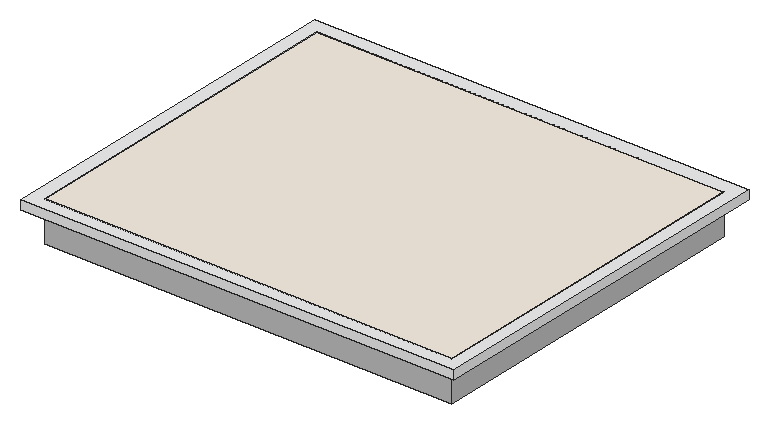
Revit family "Lighting-Industriale-GEWISS-ELIA-HL-LED_RIFLETTORE", category Apparecchi per illuminazione, host Superficie, Revit 2019 (continued)
Types (12, lengths in mm): name | Tensione | Scheda Tecnica | Potenza di sistema | Peso (kg): | Peso (kg) | Ottica | built-in parameter 1150142 | Lumen output (lm) | Modello | IDT | File diagramma fotometrico | Description
     4562.15 4416.81 4273.16 4132.89 3996.85 \r\n3863.34 3734.90 3611.53 3489.85 3367.32 3246.49 3129.03 \r\n3017.49 2910.18 2806.24 2703.15 2602.60 2502.89 2407.40 \r\n2317.84 2231.64 2147.99 2068.56 1990.82 1914.77 1842.10 \r\n1772.81 1704.36 1639.72 1576.35 1515.17 1456.61 1400.42 \r\n1346.85 1295.13 1244.52 1195.84 1149.96 1106.11 1063.26 \r\n1021.86 981.64 943.19 906.94 872.38 838.49 806.13 775.63 \r\n746.73 719.26 692.73 666.62 641.19 616.60 593.36 571.73 \r\n551.45 531.93 513.08 494.92 476.92 458.92 440.84 422.58 \r\n405.09 389.63 375.18 361.49 348.22 335.04 321.78 308.00 \r\n294.40 281.30 269.13 259.08 250.54 244.46 238.71 231.19 \r\n222.74 213.36 203.39 193.00 182.18 171.37 159.84 146.68 \r\n133.15 120.63 107.86 93.63 79.18 65.32 52.15 39.83 28.98 \r\n20.42 13.73 8.89 5.62 3.58 2.89 \r\n12448.54 12447.69 12442.62 12435.86 12424.88 12410.51 \r\n12393.61 12375.87 12354.74 12331.08 12304.04 12273.62 \r\n12241.51 12206.87 12172.22 12135.04 12096.17 12055.61 \r\n12011.67 11966.04 11918.72 11867.18 11814.79 11758.17 \r\n11699.87 11639.87 11576.50 11512.28 11444.68 11374.54 \r\n11304.41 11230.89 11154.84 11076.26 10996.83 10914.86 \r\n10832.06 10747.56 10660.52 10573.48 10483.07 10391.81 \r\n10295.48 10193.23 10085.92 9974.38 9858.61 9737.78 \r\n9611.03 9481.74 9349.08 9212.19 9071.92 8926.58 8774.48 \r\n8611.39 8439.01 8256.49 8068.90 7881.31 7688.65 7492.61 \r\n7293.19 7092.08 6894.35 6706.76 6523.40 6346.80 6173.57 \r\n6003.72 5836.41 5668.26 5501.80 5339.55 5180.69 5020.14 \r\n4863.82 4709.18 4558.77 4413.43 4269.78 4129.51 3991.78 \r\n3859.11 3729.83 3606.46 3484.78 3362.25 3242.26 3126.50 \r\n3015.80 2908.49 2804.55 2702.31 2601.75 2502.89 2407.40 \r\n2318.68 2232.49 2149.68 2070.25 1992.51 1917.30 1845.48 \r\n1774.50 1707.74 1642.76 1579.73 1518.97 1460.50 1404.39 \r\n1350.23 1297.92 1246.80 1197.70 1151.65 1107.54 1064.62 \r\n1022.96 982.65 944.03 907.78 873.14 839.51 807.31 776.72 \r\n747.57 720.11 693.41 667.38 642.03 617.36 593.87 572.06 \r\n551.53 531.59 512.75 494.92 477.51 459.51 441.34 422.92 \r\n405.18 389.63 375.26 361.58 348.31 335.04 321.78 308.09 \r\n294.65 281.47 269.39 258.99 250.29 243.87 237.87 230.52 \r\n222.15 212.86 202.80 192.15 181.08 170.15 158.63 145.50 \r\n132.00 119.42 106.62 92.45 78.12 64.41 51.44 39.39 28.78 \r\n20.33 13.70 8.88 5.60 3.56 2.87 \r\n12448.54 12447.69 12442.62 12435.86 12424.88 12410.51 \r\n12394.46 12375.87 12355.59 12331.93 12305.73 12274.47 \r\n12242.36 12208.56 12173.91 12136.73 12097.02 12056.46 \r\n12013.36 11968.58 11920.41 11868.87 11815.63 11760.71 \r\n11702.41 11642.41 11579.03 11514.81 11447.22 11378.77 \r\n11307.79 11234.27 11159.07 11081.33 11001.06 10919.93 \r\n10837.12 10751.78 10664.74 10576.86 10488.14 10395.19 \r\n10299.70 10198.31 10090.99 9980.29 9864.53 9743.69 \r\n9617.79 9488.50 9355.84 9218.95 9078.68 8934.18 8782.08 \r\n8620.69 8449.15 8267.48 8079.04 7888.92 7696.26 7498.53 \r\n7297.42 7095.47 6896.04 6705.92 6522.55 6345.10 6171.88 \r\n6002.03 5833.88 5665.72 5498.41 5336.17 5175.63 5016.77 \r\n4860.44 4705.80 4554.55 4408.36 4265.56 4124.44 3987.55 \r\n3854.05 3724.76 3600.55 3479.71 3358.03 3238.88 3123.12 \r\n3012.42 2905.95 2802.02 2700.62 2600.06 2502.89 2408.25 \r\n2318.68 2233.34 2151.37 2071.94 1994.20 1919.84 1847.17 \r\n1777.88 1710.28 1645.72 1583.02 1522.61 1464.47 1408.19 \r\n1353.69 1300.62 1249.08 1199.65 1153.26 1108.98 1065.80 \r\n1024.06 983.58 944.88 908.54 873.90 840.44 808.33 777.74 \r\n748.50 720.70 694.08 668.06 642.79 618.03 594.37 572.32 \r\n551.53 531.34 512.32 495.00 478.10 460.10 441.77 423.09 \r\n405.18 389.71 375.35 361.66 348.31 334.96 321.61 308.09 \r\n294.74 281.72 269.64 258.99 249.95 243.19 237.02 229.67 \r\n221.56 212.35 202.29 191.31 180.07 169.03 157.42 144.33 \r\n130.89 118.23 105.37 91.27 77.06 63.50 50.71 38.94 28.60 \r\n20.26 13.68 8.86 5.57 3.54 2.86 \r\n12448.54 12447.69 12442.62 12435.02 12424.88 12410.51 \r\n12394.46 12376.72 12356.43 12332.77 12305.73 12276.16 \r\n12243.20 12209.40 12174.76 12137.58 12098.71 12058.15 \r\n12014.21 11969.42 11922.10 11870.56 11818.17 11762.40 \r\n11704.09 11644.94 11581.57 11517.35 11451.44 11382.15 \r\n11312.01 11238.50 11164.14 11085.56 11005.28 10923.31 \r\n10840.50 10755.16 10668.97 10581.09 10491.52 10399.41 \r\n10304.77 10202.53 10096.06 9985.36 9870.44 9748.76 \r\n9623.70 9494.42 9361.75 9225.71 9085.44 8940.94 8790.53 \r\n8629.14 8459.30 8276.77 8088.34 7897.37 7703.86 7504.44 \r\n7302.49 7098.00 6896.89 6705.07 6520.86 6343.41 6170.19 \r\n6000.34 5830.50 5661.50 5495.03 5332.80 5171.40 5011.69 \r\n4855.37 4701.58 4551.17 4404.98 4262.18 4121.06 3982.48 \r\n3848.97 3719.69 3595.47 3474.64 3353.80 3234.66 3120.59 \r\n3010.73 2904.26 2799.48 2698.09 2599.22 2502.05 2408.25 \r\n2319.52 2234.18 2151.37 2072.78 1995.04 1921.53 1849.70 \r\n1780.41 1712.81 1648.43 1586.23 1526.15 1468.27 1411.91 \r\n1356.90 1303.24 1251.28 1201.34 1154.78 1110.33 1066.90 \r\n1024.98 984.42 945.55 909.22 874.57 841.28 809.26 778.50 \r\n749.18 721.29 694.59 668.65 643.38 618.62 594.71 572.49 \r\n551.45 531.00 511.82 495.00 478.52 460.52 442.10 423.26 \r\n405.26 389.71 375.35 361.66 348.31 334.79 321.44 308.09 \r\n294.90 281.89 269.72 258.99 249.61 242.43 235.92 228.83 \r\n220.88 211.76 201.79 190.63 178.97 167.84 156.22 143.20 \r\n129.83 117.08 104.13 90.09 76.02 62.60 50.01 38.51 28.41 \r\n20.20 13.65 8.85 5.55 3.52 2.84 \r\n12448.54 12446.85 12442.62 12435.02 12424.88 12410.51 \r\n12394.46 12376.72 12356.43 12333.62 12306.58 12277.00 \r\n12244.89 12211.09 12176.45 12138.42 12099.56 12058.15 \r\n12015.06 11971.11 11922.95 11872.25 11819.86 11764.93 \r\n11706.63 11646.63 11584.95 11519.88 11453.97 11385.53 \r\n11315.39 11242.72 11167.52 11089.78 11009.50 10928.38 \r\n10843.88 10759.38 10672.35 10584.47 10494.90 10403.64 \r\n10309.00 10207.60 10101.13 9991.28 9875.51 9754.68 \r\n9628.77 9501.18 9368.51 9231.63 9092.20 8947.70 8797.29 \r\n8637.59 8467.74 8285.22 8096.79 7904.97 7709.78 7509.51 \r\n7306.72 7099.69 6896.89 6705.07 6519.17 6340.88 6167.65 \r\n5996.12 5827.12 5658.12 5490.81 5327.72 5165.48 5007.47 \r\n4850.30 4696.51 4546.94 4400.76 4258.80 4116.84 3978.26 \r\n3843.90 3713.77 3590.40 3469.57 3349.58 3230.43 3117.20 \r\n3008.20 2900.88 2796.10 2695.55 2597.53 2500.35 2408.25 \r\n2319.52 2234.18 2151.37 2072.78 1996.73 1922.37 1851.39 \r\n1782.10 1715.35 1650.88 1589.02 1529.37 1471.65 1415.37 \r\n1359.86 1305.69 1253.22 1203.03 1156.13 1111.34 1067.74 \r\n1025.66 984.93 945.98 909.56 874.91 841.87 810.10 779.26 \r\n749.77 721.71 694.93 669.07 643.97 619.05 595.05 572.49 \r\n551.19 530.49 511.31 494.92 478.86 460.95 442.44 423.43 \r\n405.26 389.63 375.26 361.58 348.14 334.62 321.27 307.92 \r\n294.99 282.06 269.81 258.82 249.11 241.67 235.08 227.81 \r\n220.12 211.25 201.28 189.79 177.96 166.66 155.02 142.10 \r\n128.81 115.98 102.93 88.94 74.99 61.72 49.31 38.09 28.25 \r\n20.13 13.63 8.83 5.53 3.50 2.82 \r\n12448.54 12446.85 12442.62 12435.02 12424.88 12411.36 \r\n12395.31 12377.56 12357.28 12334.47 12307.42 12277.85 \r\n12245.74 12211.94 12176.45 12140.11 12100.40 12058.99 \r\n12016.74 11971.11 11924.64 11873.94 11821.55 11766.62 \r\n11708.32 11649.17 11588.33 11524.11 11457.35 11388.91 \r\n11317.93 11246.10 11170.90 11093.16 11013.73 10931.76 \r\n10848.11 10762.76 10676.57 10587.85 10498.28 10407.86 \r\n10312.38 10211.82 10106.20 9995.50 9879.74 9759.75 \r\n9634.69 9506.25 9373.58 9237.54 9098.11 8953.62 8804.06 \r\n8645.19 8476.19 8294.52 8104.39 7911.73 7715.69 7514.58 \r\n7310.09 7102.22 6896.89 6703.38 6516.64 6339.19 6165.12 \r\n5993.58 5823.74 5653.89 5486.58 5321.81 5160.41 5000.71 \r\n4844.38 4692.28 4541.88 4396.53 4254.57 4112.61 3974.88 \r\n3838.83 3709.55 3586.18 3465.34 3344.51 3227.05 3114.67 \r\n3005.66 2898.35 2792.72 2692.17 2594.15 2498.66 2406.56 \r\n2317.84 2233.34 2151.37 2072.78 1996.73 1924.06 1852.24 \r\n1783.79 1717.04 1652.74 1591.30 1532.07 1474.44 1418.16 \r\n1362.31 1307.64 1254.82 1204.21 1156.97 1112.02 1068.33 \r\n1026.08 985.19 946.23 909.73 875.17 842.30 810.61 779.77 \r\n750.11 721.88 695.01 669.32 644.23 619.30 595.13 572.40 \r\n550.77 529.81 510.63 494.58 479.03 461.20 442.53 423.60 \r\n405.35 389.71 375.18 361.32 347.89 334.37 320.85 307.83 \r\n294.90 282.15 269.89 258.65 248.68 240.91 234.06 226.97 \r\n219.36 210.74 200.86 189.11 176.86 165.50 153.87 141.06 \r\n127.85 114.92 101.77 87.84 74.00 60.87 48.66 37.69 28.09 \r\n20.07 13.60 8.82 5.50 3.48 2.80 \r\n12448.54 12446.85 12442.62 12435.02 12424.88 12411.36 \r\n12395.31 12377.56 12357.28 12335.31 12309.11 12278.69 \r\n12246.58 12212.78 12178.14 12140.11 12101.24 12060.68 \r\n12016.74 11971.96 11924.64 11875.63 11823.24 11767.47 \r\n11710.85 11651.70 11590.02 11526.64 11460.73 11392.29 \r\n11321.31 11249.48 11175.12 11097.38 11017.95 10935.14 \r\n10851.49 10766.14 10679.11 10591.23 10501.66 10410.40 \r\n10316.60 10215.20 10110.42 10000.57 9884.81 9764.82 \r\n9639.76 9510.47 9378.66 9243.45 9104.03 8960.38 8809.97 \r\n8651.95 8483.80 8302.13 8112.00 7918.49 7720.76 7518.81 \r\n7312.63 7103.91 6897.73 6701.69 6514.95 6334.97 6161.74 \r\n5989.36 5818.67 5649.67 5481.52 5316.74 5154.50 4995.64 \r\n4839.31 4686.37 4537.65 4393.15 4249.50 4109.23 3970.65 \r\n3835.45 3704.48 3581.11 3461.96 3341.13 3222.83 3111.29 \r\n3002.28 2894.97 2790.19 2688.79 2591.61 2496.13 2404.02 \r\n2316.14 2231.64 2150.52 2071.94 1995.89 1924.06 1853.09 \r\n1784.64 1717.88 1653.92 1592.91 1534.01 1476.64 1420.36 \r\n1364.08 1309.16 1255.92 1205.05 1157.65 1112.36 1068.50 \r\n1026.17 985.19 946.06 909.56 875.08 842.38 810.86 780.02 \r\n750.28 721.97 694.93 669.24 644.40 619.30 595.05 572.06 \r\n550.18 529.14 509.87 494.32 479.20 461.29 442.53 423.51 \r\n405.35 389.63 375.01 361.07 347.55 333.94 320.51 307.50 \r\n294.82 282.15 269.81 258.40 248.01 240.15 233.05 226.04 \r\n218.60 210.15 200.35 188.35 175.84 164.38 152.75 140.06 \r\n126.97 113.96 100.71 86.81 73.07 60.08 48.04 37.32 27.94 \r\n20.00 13.57 8.80 5.48 3.46 2.79 \r\n12448.54 12446.85 12442.62 12435.02 12424.88 12411.36 \r\n12395.31 12377.56 12358.97 12336.15 12309.96 12279.54 \r\n12247.43 12214.47 12178.98 12141.81 12102.09 12060.68 \r\n12017.59 11973.65 11926.33 11876.47 11824.08 11769.16 \r\n11712.54 11653.39 11592.56 11529.18 11464.11 11395.67 \r\n11324.69 11252.86 11178.50 11100.76 11020.49 10938.52 \r\n10854.87 10769.52 10682.49 10594.61 10504.19 10413.78 \r\n10319.98 10219.43 10114.65 10004.80 9889.03 9769.04 \r\n9643.98 9515.54 9383.72 9247.68 9109.10 8965.45 8815.88 \r\n8658.72 8490.56 8308.88 8118.76 7924.41 7725.83 7522.19 \r\n7316.01 7104.76 6897.73 6700.85 6512.41 6332.43 6158.36 \r\n5985.98 5815.29 5644.60 5476.44 5310.82 5148.58 4989.72 \r\n4833.40 4681.30 4532.58 4388.08 4246.13 4105.01 3967.27 \r\n3831.23 3701.10 3576.88 3457.74 3336.90 3219.45 3108.75 \r\n2999.75 2891.59 2785.12 2684.56 2587.39 2492.75 2401.49 \r\n2314.45 2229.95 2147.99 2070.25 1995.04 1922.37 1853.09 \r\n1783.79 1717.88 1654.43 1593.84 1535.20 1477.90 1421.63 \r\n1365.18 1309.92 1256.51 1205.39 1157.65 1112.27 1068.25 \r\n1025.83 984.76 945.55 909.05 874.66 842.21 810.86 779.85 \r\n750.02 721.55 694.51 668.99 644.06 619.05 594.71 571.47 \r\n549.42 528.29 509.03 493.82 479.03 461.12 442.27 423.43 \r\n405.26 389.38 374.67 360.73 347.13 333.44 319.92 307.16 \r\n294.65 281.98 269.72 257.89 247.42 239.30 232.12 225.11 \r\n217.84 209.48 199.84 187.67 174.83 163.30 151.69 139.13 \r\n126.16 113.07 99.73 85.86 72.21 59.35 47.48 36.98 27.79 \r\n19.94 13.54 8.78 5.46 3.44 2.77 \r\n12448.54 12446.85 12442.62 12435.02 12424.88 12411.36 \r\n12396.15 12378.40 12358.97 12336.15 12309.96 12280.38 \r\n12249.12 12214.47 12179.83 12141.81 12102.93 12061.53 \r\n12018.43 11973.65 11926.33 11878.16 11825.77 11771.69 \r\n11715.08 11656.77 11595.93 11533.41 11467.49 11399.05 \r\n11328.91 11256.24 11181.04 11104.14 11023.02 10941.91 \r\n10857.41 10772.06 10685.87 10597.99 10508.42 10416.31 \r\n10322.52 10222.81 10118.03 10008.18 9894.10 9774.11 \r\n9649.06 9520.61 9387.95 9251.91 9112.48 8969.67 8819.26 \r\n8661.25 8493.94 8312.26 8122.14 7927.79 7728.37 7524.72 \r\n7317.70 7107.29 6897.73 6700.00 6510.72 6329.89 6154.13 \r\n5981.75 5810.22 5638.68 5469.68 5303.22 5140.98 4982.12 \r\n4827.48 4675.38 4527.51 4383.86 4242.74 4102.47 3964.74 \r\n3830.38 3699.41 3575.19 3455.20 3335.21 3216.91 3104.53 \r\n2994.68 2885.67 2780.05 2677.80 2578.94 2483.45 2392.20 \r\n2304.31 2221.50 2140.38 2062.64 1987.44 1915.61 1845.48 \r\n1777.88 1711.97 1648.85 1588.35 1529.79 1472.41 1416.05 \r\n1359.94 1305.10 1252.12 1201.42 1153.85 1108.47 1064.53 \r\n1022.28 981.13 941.84 905.67 871.53 839.25 808.07 777.23 \r\n747.23 718.93 691.97 666.37 641.44 616.60 592.26 568.85 \r\n546.80 526.01 507.17 492.13 477.51 459.51 440.75 422.42 \r\n404.75 388.53 373.41 359.38 345.86 332.17 318.73 306.06 \r\n293.55 280.88 268.54 256.80 246.15 238.46 231.53 224.18 \r\n216.40 208.29 199.00 186.75 173.73 162.24 150.75 138.40 \r\n125.64 112.60 99.26 85.38 71.73 58.96 47.19 36.77 27.64 \r\n19.82 13.45 8.72 5.44 3.43 2.76 \r\n12448.54 12446.85 12442.62 12435.02 12424.88 12411.36 \r\n12396.15 12378.40 12359.81 12337.00 12310.81 12281.23 \r\n12249.12 12215.32 12179.83 12142.65 12102.93 12061.53 \r\n12019.28 11974.49 11927.17 11879.01 11828.31 11773.38 \r\n11716.77 11659.31 11599.31 11535.94 11470.03 11402.43 \r\n11331.45 11258.78 11184.42 11106.68 11026.41 10943.59 \r\n10860.78 10774.59 10688.41 10599.68 10510.95 10419.69 \r\n10324.21 10225.34 10121.41 10013.25 9898.33 9778.34 \r\n9653.28 9524.84 9392.17 9256.13 9116.70 8972.21 8821.80 \r\n8663.78 8495.63 8314.80 8125.52 7930.32 7730.90 7527.26 \r\n7319.39 7107.29 6898.58 6699.16 6508.19 6326.51 6149.91 \r\n5976.68 5805.15 5633.61 5463.77 5296.46 5133.38 4975.36 \r\n4820.72 4669.47 4522.44 4379.63 4239.36 4099.10 3963.05 \r\n3828.69 3698.56 3575.19 3453.51 3333.52 3215.22 3101.15 \r\n2989.61 2880.60 2773.29 2669.35 2568.80 2473.31 2382.05 \r\n2295.86 2212.21 2131.93 2054.19 1979.84 1908.01 1837.87 \r\n1770.27 1706.05 1642.68 1582.26 1523.53 1465.99 1409.63 \r\n1354.03 1299.78 1247.30 1197.03 1149.62 1104.25 1060.47 \r\n1018.31 977.16 937.95 901.95 868.07 835.96 805.03 774.19 \r\n744.36 716.22 689.27 663.49 638.65 613.81 589.56 566.07 \r\n543.93 523.65 505.23 490.44 475.82 457.65 438.98 421.32 \r\n404.16 387.52 371.88 357.86 344.51 330.90 317.47 304.96 \r\n292.54 279.78 267.44 255.53 244.88 237.53 231.02 223.16 \r\n214.97 207.19 198.07 185.82 172.72 161.25 149.88 137.75 \r\n125.20 112.23 98.90 85.00 71.33 58.64 46.97 36.59 27.50 \r\n19.71 13.36 8.67 5.42 3.42 2.75 \r\n12448.54 12446.85 12442.62 12435.02 12424.88 12411.36 \r\n12396.15 12379.25 12359.81 12337.00 12310.81 12281.23 \r\n12249.97 12216.16 12180.67 12142.65 12102.93 12061.53 \r\n12018.43 11974.49 11928.02 11880.70 11830.00 11775.07 \r\n11720.15 11661.84 11601.00 11539.32 11473.41 11404.97 \r\n11333.98 11262.16 11186.95 11108.37 11028.94 10946.13 \r\n10862.47 10777.13 10690.94 10603.06 10513.49 10421.38 \r\n10327.59 10227.88 10124.79 10016.63 9901.71 9782.56 \r\n9658.35 9529.06 9394.71 9259.51 9119.24 8975.59 8824.33 \r\n8665.47 8497.32 8316.49 8128.05 7932.86 7732.59 7528.10 \r\n7321.08 7108.98 6897.73 6698.31 6506.50 6323.98 6146.53 \r\n5971.61 5800.08 5628.55 5457.85 5290.55 5126.61 4967.75 \r\n4814.81 4664.40 4518.22 4375.41 4235.14 4097.40 3961.36 \r\n3827.85 3698.56 3574.35 3452.67 3331.84 3212.69 3098.61 \r\n2985.38 2874.69 2767.37 2661.75 2559.50 2463.17 2371.91 \r\n2285.72 2202.91 2122.64 2044.90 1970.54 1899.56 1830.27 \r\n1762.67 1698.62 1636.09 1575.67 1516.86 1459.15 1402.78 \r\n1347.61 1294.03 1242.15 1192.38 1145.06 1099.77 1056.25 \r\n1014.25 973.02 933.89 898.07 864.52 832.58 801.74 770.98 \r\n741.23 713.18 686.39 660.62 635.61 610.85 586.77 563.19 \r\n541.14 521.20 503.28 488.58 474.04 455.79 437.03 420.05 \r\n403.49 386.59 370.28 356.34 343.15 329.55 316.28 303.69 \r\n291.44 278.68 266.26 254.18 243.70 236.68 230.52 222.32 \r\n213.70 206.01 197.22 184.89 171.70 160.33 149.08 137.19 \r\n124.84 111.95 98.65 84.71 71.02 58.40 46.80 36.45 27.36 \r\n19.60 13.27 8.62 5.40 3.42 2.75 \r\n12448.54 12446.85 12442.62 12435.02 12424.88 12411.36 \r\n12396.15 12380.09 12359.81 12336.15 12311.65 12282.07 \r\n12250.81 12216.16 12180.67 12142.65 12102.93 12061.53 \r\n12019.28 11974.49 11928.86 11880.70 11830.84 11777.61 \r\n11721.84 11664.38 11604.38 11542.70 11477.63 11408.34 \r\n11336.52 11264.69 11188.64 11110.91 11030.63 10947.82 \r\n10864.16 10779.66 10692.63 10604.75 10516.02 10423.92 \r\n10329.28 10230.41 10127.32 10018.32 9905.09 9785.94 \r\n9660.88 9531.60 9398.09 9262.04 9122.62 8977.28 8826.02 \r\n8666.32 8497.32 8317.33 8129.74 7934.55 7734.28 75
